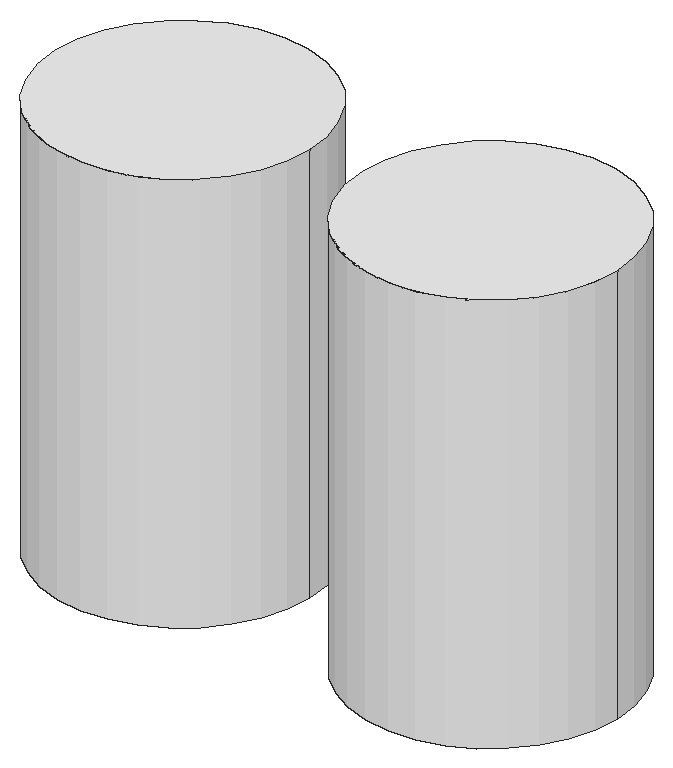
Revit family "514222930037", category Plumbing Fixtures, Revit 2020
Family settings
  Round Connector Dimension = Use Diameter
  Part Type = Normal
  OmniClass Number = 23.45.55.00
  OmniClass Title = Sanitary Faucets, Wastes
  Work Plane-Based = No
  Always vertical = Yes
  Cut with Voids When Loaded = No
  Shared = No
  Room Calculation Point = No
Parameters (values of type "514222930037 Washbasin faucet")
  Working Pressure = "50 - 1000 kPa"
  WarrantyStartDate [instance] = "n/a"
  WarrantyGuarantorParts = "n/a"
  WarrantyGuarantorLabor = "n/a"
  WarrantyDurationUnit = "Year"
  WarrantyDurationParts = "n/a"
  WarrantyDurationLabor = "n/a"
  WarrantyDescription = "http://warranty.hansa.com"
  Warranty Information URL = "http://warranty.hansa.com"
  VersionDate = "01/06/2023"
  Version = "1"
  ValvePattern = "n/a"
  ValveOperation = "n/a"
  ValveMechanism = "n/a"
  Uniclass2015Reference = "Pr_40_20_87_96"
  Uniclass2015Description = "Washbasin manual water supply sets"
  Uniclass2 = "Pr_40_30_96_96"
  URL REACH = "http://static.hansa.com/doc/reach"
  URL Global Mark = "http://static.hansa.com/Globalmark/514222930037"
  URL EcoLabel Declaration = "http://static.hansa.com/doc/EcoLabel"
  URL EU Packaging Declaration = "http://static.hansa.com/doc/packaging"
  URL Declaration of SCIP = "http://static.hansa.com/doc/SCIP"
  URL Declaration of Conformity = "http://static.hansa.com/DoC/514222930037"
  URL Declaration of Asbestos = "http://static.hansa.com/doc/asbestos"
  URL Declaration Of Performance (DOP) = "http://static.hansa.com/doc/DoP"
  URL = ""
  UNSPSC Class Number = "30181700 Faucets or taps"
  TestPressure = "n/a"
  Temperature Adjustments = "Limitation option for maximum temperature and flow-rate ;Adjustable hot water stop (included, retrofittable)"
  Temperature = "Temperature limiter;Temperature limiter (retrofittable)"
  Technical DataSheet URL = "http://www.hansa.com/datasheet/514222930037/en"
  TagNumber [instance] = "n/a"
  SustainabilityPerformance = "n/a"
  Surface treatment = "Chrome"
  Spout Type = "Fixed spout"
  Spout Projection = "103 mm"
  Size = "48.5x137x136 mm"
  Shape = "Sculptured"
  SerialNumber [instance] = "n/a"
  Sales Package dimensions (LxWxH) = "540 x 146 x 59"
  Revision = "n/a"
  ReplacementCost = "n/a"
  ProductInformation = "Washbasin faucet with fixed spout and aerator"
  Product URL = "http://static.hansa.com/514222930037"
  Product Image URL = "http://static.hansa.com/image/514222930037"
  Product Family = "HANSAPOLO "
  Product Code = "514222930037"
  OperatingMechanismMaterial = "n/a"
  NominalWidth = 48.5 mm
  NominalHeight = 137 mm
  NominalDepth = 137 mm
  Noise Class = "I (ISO3822)"
  Name_en = "514222930037 Washbasin faucet"
  Name = "514222930037 Washbasin faucet"
  NBSReference = "45-35-70/371"
  NBSDescription = "Water supply fittings for wash basins and troughs"
  Mounting Holes = "1 hole"
  ModelReference = "514222930037"
  ModelNumber = "n/a"
  Model = "514222930037 Washbasin faucet"
  Mobile Product Information URL = "http://mpi.hansa.com/514222930037"
  Mechanical Parts = "ø 35 mm ceramic cartridge for flow and temperature control"
  Max. Hot Water Supply = 70 °C
  Material = "Brass"
  Market = "International;Australia"
  ManufacturerURL = "http://www.hansa.com"
  ManufacturerName = "HANSA"
  Manufacturer = "HANSA"
  Lever Handle = "Hot/Cold symbols;Single operating lever/handle"
  Interactive AR View URL = "https://static.hansa.com/AR/514222930037"
  InstallationDate [instance] = "n/a"
  Installation and Maintenance Guide URL = "http://static.hansa.com/manual/514222930037"
  Installation Type = "Deck mounted"
  InletConnectionSize = 19 mm
  IfcExportType = "FAUCET"  # constant formula
  IfcExportAs = "IfcValveType"  # constant formula
  Group = "Washbasin faucet"
  Grade = "n/a"
  FlowCoefficient = 0
  Flow Rate At 300kPa With Flow Controller = 0.1 L/s
  Flow Drawing URL = "http://static.hansa.com/flowchart/514222930037"
  Finish = "Polished"
  Features = "Single-lever"
  FaucetMainMaterial = Brass
  FDV Document URL = "http://www.hansa.com/datasheet/514222930037/en/fdv"
  ExpectedLife = "n/a"
  Excluded Items = "Without pop-up waste;Without draw-rod opening"
  ETIM Class Number = "EC011328 Washbasin mixing tap"
  EN Standard = "EN 817"
  EAN Number = "4057304004032"
  DurationUnit = "Year"
  Dimension Drawing URL = "http://static.hansa.com/dimdrw/514222930037"
  Description = "Washbasin faucet with fixed spout and aerator"
  DefaultElevation [instance] = 900 mm
  Default Elevation = 0 mm
  Constituents = "n/a"
  Connection Size = "G1/2"
  Connection = "Flexible inlet pipes"
  Color = "Chrome"
  CodePerformance = "n/a"
  CloseOffRating = 0
  Certificate Global Mark = "GM-WM-040199-I02-R00"
  Category = "Washbasin"
  Catalog Drawing URL = "http://static.hansa.com/catdrw/514222930037"
  Brand = "HANSA"
  BodyMaterial = "Brass"
  Barcode [instance] = "n/a"
  Backflow Prevention EN1717 = "AA"
  BIMObjectName = "514222930037"
  Author = "BIMStone"
  AssetType = "Fixed"
  AssetIdentifier [instance] = "n/a"
  Aerator = "PCA® - constant flow rate regardless of pressure variations"
  Advanced Features = "Inner body made of DZR brass;Rapid installation system"
  AccessibilityPerformance = "n/a"
  3D View = "https://static.hansa.com/AR/514222930037"
  2D/3D/BIM Files URL = "http://static.hansa.com/bim/514222930037"
Reference planes
  plane 1 "Center (Front/Back)": y = 0
  plane 2: z = 0
  plane 3 "Center (Left/Right)": x = 0
  plane 4: x = -24.25
  plane 5: z = 1037
  plane 6: z = 900
  plane 7: z = 870
  plane 8: y = -137
  plane 9: x = 24.25
Forms (mm)
  Extrusion 1, solid, material "Brass" <- "FaucetMainMaterial"
    sketch origin (0, 0, 0) x (1, 0, 0) y (0, 1, 0)
      loop
        circle (-11.5, -22.5) r 9.5
      loop
        circle (11.5, -22.5) r 9.5
    from 870 to 900
  Extrusion 2, solid, material "Brass" <- "FaucetMainMaterial", detail levels medium
    sketch origin (0, 0, 0) x (0, 1, 0) y (0, 0, 1)
      loop
        line (-11.837, 1037) -> (-124.122, 1037) -> (-122.074, 1028.126) -> (-62.2, 1027.177)
        arc (-62.2, 1027.177) -> (-58.651, 1025.78) -> (-57.131, 1022.282) r 4.983
        line (-57.131, 1022.282) -> (-56.683, 996.618) -> (-137, 989.601) -> (-137, 987.69) -> (-131.699, 983.242) -> (-135.856, 977.305) -> (-116.182, 963.529) -> (-114.062, 966.556) -> (-77.551, 967.193)
        arc (-77.551, 967.193) -> (-59.309, 959.809) -> (-50.685, 942.118) r 27.474
        line (-50.685, 942.118) -> (-47, 900) -> (0, 900) -> (-11.837, 1037)
    from -24.25 to 24.25
  Extrusion 3, solid, material "Brass" <- "FaucetMainMaterial", detail levels coarse
    sketch origin (0, 0, 0) x (1, 0, 0) y (0, 1, 0)
      loop
        line (-24.25, 0) -> (-24.25, -137) -> (24.25, -137) -> (24.25, 0) -> (-24.25, 0)
    from 900 to 1037
Lines and regions (mm)
  symbolic lines, detail levels medium+fine
    curve 1: line (0, 0, 900) -> (-23.5, 0, 900)
    curve 2: line (-23.5, 0, 900) -> (-23.5, 0, 998.12)
    curve 3: spline (-24.25, 0, 1002.285) -> (-24.238, 0, 1002.205) -> (-24.201, 0, 1002.125) -> (-24.14, 0, 1002.045) -> (-24.055, 0, 1001.966) -> (-23.945, 0, 1001.886) -> (-23.812, 0, 1001.808) -> (-23.654, 0, 1001.729) -> (-23.472, 0, 1001.651) -> (-23.267, 0, 1001.574) -> (-23.039, 0, 1001.498) -> (-22.787, 0, 1001.422) -> (-22.512, 0, 1001.347)
    curve 4: arc (-24.25, 0, 1002.285) -> (-23.247, 0, 1017.942) -> (-21.807, 0, 1033.565) r 561.53
    curve 5: line (-20.482, 0, 1035.174) -> (-14.32, 0, 1036.261)
    curve 6: arc (-14.32, 0, 1036.261) -> (-9.879, 0, 1036.835) -> (-5.404, 0, 1037) r 48.793
    curve 7: line (-5.404, 0, 1037) -> (0, 0, 1037)
    curve 9: line (0, 0, 900) -> (23.5, 0, 900)
    curve 10: line (23.5, 0, 900) -> (23.5, 0, 998.12)
    curve 11: spline (24.25, 0, 1002.285) -> (24.238, 0, 1002.205) -> (24.201, 0, 1002.125) -> (24.14, 0, 1002.045) -> (24.055, 0, 1001.966) -> (23.945, 0, 1001.886) -> (23.812, 0, 1001.808) -> (23.654, 0, 1001.729) -> (23.472, 0, 1001.651) -> (23.267, 0, 1001.574) -> (23.039, 0, 1001.498) -> (22.787, 0, 1001.422) -> (22.512, 0, 1001.347)
    curve 12: arc (24.25, 0, 1002.285) -> (23.247, 0, 1017.942) -> (21.807, 0, 1033.565) r 561.53
    curve 13: line (20.482, 0, 1035.174) -> (14.32, 0, 1036.261)
    curve 14: arc (14.32, 0, 1036.261) -> (9.879, 0, 1036.835) -> (5.404, 0, 1037) r 48.793
    curve 15: line (5.404, 0, 1037) -> (0, 0, 1037)
    curve 16: line (-22.633, 0, 998.988) -> (-22.512, 0, 1001.347)
    curve 17: line (22.633, 0, 998.988) -> (22.512, 0, 1001.347)
    curve 18: arc (-22.633, 0, 998.988) -> (-23.246, 0, 998.734) -> (-23.5, 0, 998.12) r 0.867
    curve 19: arc (22.633, 0, 998.988) -> (23.246, 0, 998.734) -> (23.5, 0, 998.12) r 0.867
    curve 20: arc (-20.482, 0, 1035.174) -> (-21.441, 0, 1034.614) -> (-21.807, 0, 1033.565) r 1.605
    curve 21: arc (20.482, 0, 1035.174) -> (21.441, 0, 1034.614) -> (21.807, 0, 1033.565) r 1.605
    curve 59: line (0, 0, 900) -> (0, -47, 900)
    curve 60: line (0, -47, 900) -> (0, -50.685, 942.118)
    curve 61: arc (0, -50.685, 942.118) -> (0, -59.309, 959.809) -> (0, -77.551, 967.193) r 27.474
    curve 62: line (0, -77.551, 967.193) -> (0, -109.985, 966.627)
    curve 63: arc (0, -109.985, 966.627) -> (0, -111.706, 966.9) -> (0, -113.23, 967.744) r 5.017
    curve 65: line (0, -136.087, 989.68) -> (0, -56.683, 996.618)
    curve 66: line (0, -56.683, 996.618) -> (0, -57.131, 1022.282)
    curve 67: arc (0, -57.131, 1022.282) -> (0, -58.651, 1025.78) -> (0, -62.2, 1027.177) r 4.983
    curve 68: line (0, -62.2, 1027.177) -> (0, -118.76, 1028.074)
    curve 69: arc (0, -118.76, 1028.074) -> (0, -121.312, 1028.98) -> (0, -122.794, 1031.248) r 4.237
    curve 70: line (0, -122.794, 1031.248) -> (0, -123.357, 1033.686)
    curve 71: arc (0, -123.357, 1033.686) -> (0, -123.101, 1034.795) -> (0, -122.07, 1035.277) r 1.299
    curve 72: line (0, -122.07, 1035.277) -> (0, -83.546, 1036.623)
    curve 73: arc (0, -83.546, 1036.623) -> (0, -75.229, 1036.862) -> (0, -66.91, 1037) r 680.589
    curve 74: arc (0, -66.91, 1037) -> (0, -40.52, 1036.693) -> (0, -14.169, 1035.22) r 597.328
    curve 75: arc (0, -14.169, 1035.22) -> (0, -13.191, 1034.767) -> (0, -12.746, 1033.786) r 1.547
    curve 76: line (0, -12.746, 1033.786) -> (0, -9.744, 1014.834)
    curve 77: line (0, -9.744, 1014.834) -> (0, -15.314, 1011.619)
    curve 78: arc (0, -15.314, 1011.619) -> (0, -12.568, 1006.368) -> (0, -11.235, 1000.594) r 23.302
    curve 79: arc (0, -137, 988.684) -> (0, -136.737, 989.36) -> (0, -136.087, 989.68) r 1
    curve 80: arc (0, -137, 988.156) -> (0, -136.906, 987.733) -> (0, -136.643, 987.39) r 1
    curve 81: line (0, -137, 988.684) -> (0, -137, 988.156)
    curve 82: line (0, -116.182, 963.529) -> (0, -135.856, 977.305)
    curve 83: line (0, -131.699, 983.242) -> (0, -135.856, 977.305)
    curve 84: line (0, -113.23, 967.744) -> (0, -116.182, 963.529)
    curve 85: line (0, -131.699, 983.242) -> (0, -136.643, 987.39)
    curve 89: line (0, -11.235, 1000.594) -> (0, -8.819, 1000.805)
    curve 91: line (0, -137, 0) -> (-6.831, -137, 0)
    curve 92: arc (-6.831, -137, 0) -> (-9.954, -136.71, 0) -> (-12.97, -135.849, 0) r 16.95
    curve 93: arc (-12.97, -135.849, 0) -> (-13.9, -135.32, 0) -> (-14.637, -134.545, 0) r 3.659
    curve 94: arc (-14.637, -134.545, 0) -> (-15.74, -132.603, 0) -> (-16.449, -130.485, 0) r 11.565
    curve 95: line (-16.449, -130.485, 0) -> (-22.722, -40.776, 0)
    curve 96: line (0, -137, 0) -> (6.831, -137, 0)
    curve 97: arc (6.831, -137, 0) -> (9.954, -136.71, 0) -> (12.97, -135.849, 0) r 16.95
    curve 98: arc (12.97, -135.849, 0) -> (13.9, -135.32, 0) -> (14.637, -134.545, 0) r 3.659
    curve 99: arc (14.637, -134.545, 0) -> (15.74, -132.603, 0) -> (16.449, -130.485, 0) r 11.565
    curve 100: line (16.449, -130.485, 0) -> (22.722, -40.776, 0)
    curve 102: spline (23.357, -26.09, 0) -> (23.666, -27.298, 0) -> (23.911, -28.52, 0) -> (24.09, -29.752, 0) -> (24.203, -30.993, 0) -> (24.249, -32.237, 0) -> (24.228, -33.482, 0) -> (24.141, -34.725, 0) -> (23.988, -35.961, 0) -> (23.769, -37.187, 0) -> (23.484, -38.401, 0) -> (23.135, -39.598, 0) -> (22.722, -40.776, 0)
    curve 103: arc (23.357, -26.09, 0) -> (0, 0, 0) -> (-23.357, -26.09, 0) r 23.5
    curve 112: spline (-22.722, -40.776, 0) -> (-23.135, -39.598, 0) -> (-23.484, -38.401, 0) -> (-23.769, -37.187, 0) -> (-23.988, -35.961, 0) -> (-24.141, -34.725, 0) -> (-24.228, -33.482, 0) -> (-24.249, -32.237, 0) -> (-24.203, -30.993, 0) -> (-24.09, -29.752, 0) -> (-23.911, -28.52, 0) -> (-23.666, -27.298, 0) -> (-23.357, -26.09, 0)
    curve 117: line (0, 0, 900) -> (0, -8.819, 1000.805)
  symbolic lines, detail levels fine
    curve 8: spline (-22.512, 0, 1001.347) -> (-19.863, 0, 1000.838) -> (-16.168, 0, 1000.405) -> (-11.62, 0, 1000.071) -> (-6.46, 0, 999.854) -> (-0.96, 0, 999.765) -> (4.591, 0, 999.808) -> (9.899, 0, 999.982) -> (14.687, 0, 1000.278) -> (18.7, 0, 1000.679) -> (21.728, 0, 1001.165) -> (23.611, 0, 1001.71) -> (24.25, 0, 1002.285)
    curve 22: line (-15.899, 0, 1034.548) -> (-15.72, 0, 1031.125)
    curve 23: arc (-15.72, 0, 1031.125) -> (-14.393, 0, 1028.344) -> (-11.489, 0, 1027.315) r 4.026
    curve 24: line (-11.489, 0, 1027.315) -> (0, 0, 1027.315)
    curve 25: arc (-14.32, 0, 1036.261) -> (-15.47, 0, 1035.737) -> (-15.899, 0, 1034.548) r 1.629
    curve 26: line (15.899, 0, 1034.548) -> (15.72, 0, 1031.125)
    curve 27: arc (15.72, 0, 1031.125) -> (14.393, 0, 1028.344) -> (11.489, 0, 1027.315) r 4.026
    curve 28: line (11.489, 0, 1027.315) -> (0, 0, 1027.315)
    curve 29: arc (14.32, 0, 1036.261) -> (15.47, 0, 1035.737) -> (15.899, 0, 1034.548) r 1.629
    curve 30: spline (-22.633, 0, 998.988) -> (-21.861, 0, 998.451) -> (-19.6, 0, 997.951) -> (-16.004, 0, 997.522) -> (-11.316, 0, 997.193) -> (-5.858, 0, 996.986) -> (0, 0, 996.915) -> (5.858, 0, 996.986) -> (11.316, 0, 997.193) -> (16.004, 0, 997.522) -> (19.6, 0, 997.951) -> (21.861, 0, 998.451) -> (22.633, 0, 998.988)
    curve 31: spline (10.74, 0, 970.347) -> (10.374, 0, 971.955) -> (9.301, 0, 973.453) -> (7.594, 0, 974.74) -> (5.37, 0, 975.728) -> (2.78, 0, 976.349) -> (0, 0, 976.56) -> (-2.78, 0, 976.349) -> (-5.37, 0, 975.728) -> (-7.594, 0, 974.74) -> (-9.301, 0, 973.453) -> (-10.374, 0, 971.955) -> (-10.74, 0, 970.347) -> (-10.374, 0, 968.738) -> (-9.301, 0, 967.24) -> (-7.594, 0, 965.953) -> (-5.37, 0, 964.965) -> (-2.78, 0, 964.345) -> (0, 0, 964.133) -> (2.78, 0, 964.345) -> (5.37, 0, 964.965) -> (7.594, 0, 965.953) -> (9.301, 0, 967.24) -> (10.374, 0, 968.738) -> (10.74, 0, 970.347)
    curve 32: line (-10.74, 0, 970.347) -> (-10.74, 0, 977.121)
    curve 33: line (10.74, 0, 970.347) -> (10.74, 0, 977.121)
    curve 34: spline (-10.74, 0, 970.633) -> (-11.115, 0, 971.144) -> (-11.425, 0, 971.671) -> (-11.668, 0, 972.211) -> (-11.842, 0, 972.761) -> (-11.948, 0, 973.317) -> (-11.983, 0, 973.877) -> (-11.948, 0, 974.437) -> (-11.842, 0, 974.993) -> (-11.668, 0, 975.543) -> (-11.425, 0, 976.083) -> (-11.115, 0, 976.61) -> (-10.74, 0, 977.121)
    curve 35: line (-11.983, 0, 973.877) -> (-11.983, 0, 976.203)
    curve 36: line (11.983, 0, 973.877) -> (11.983, 0, 976.203)
    curve 37: spline (-11.983, 0, 976.203) -> (-11.574, 0, 978.096) -> (-10.377, 0, 979.86) -> (-8.473, 0, 981.375) -> (-5.991, 0, 982.538) -> (-3.101, 0, 983.269) -> (0, 0, 983.518) -> (3.101, 0, 983.269) -> (5.991, 0, 982.538) -> (8.473, 0, 981.375) -> (10.377, 0, 979.86) -> (11.574, 0, 978.096) -> (11.983, 0, 976.203)
    curve 38: spline (-10.74, 0, 977.121) -> (-9.578, 0, 978.273) -> (-8.088, 0, 979.275) -> (-6.321, 0, 980.092) -> (-4.338, 0, 980.696) -> (-2.207, 0, 981.067) -> (0, 0, 981.192) -> (2.207, 0, 981.067) -> (4.338, 0, 980.696) -> (6.321, 0, 980.092) -> (8.088, 0, 979.275) -> (9.578, 0, 978.273) -> (10.74, 0, 977.121)
    curve 39: spline (10.74, 0, 977.121) -> (11.115, 0, 976.61) -> (11.425, 0, 976.083) -> (11.668, 0, 975.543) -> (11.842, 0, 974.993) -> (11.948, 0, 974.437) -> (11.983, 0, 973.877) -> (11.948, 0, 973.317) -> (11.842, 0, 972.761) -> (11.668, 0, 972.211) -> (11.425, 0, 971.671) -> (11.115, 0, 971.144) -> (10.74, 0, 970.633)
    curve 40: line (-23.5, 0, 998.12) -> (-17.681, 0, 988.808)
    curve 41: line (-17.681, 0, 988.808) -> (-16.86, 0, 987.494)
    curve 42: arc (-16.86, 0, 987.494) -> (-15.964, 0, 986.671) -> (-14.772, 0, 986.423) r 2.289
    curve 43: line (-3.71, 0, 987.138) -> (-14.772, 0, 986.423)
    curve 44: arc (-3.71, 0, 987.138) -> (-1.858, 0, 987.301) -> (0, 0, 987.355) r 31.816
    curve 45: line (23.5, 0, 998.12) -> (16.86, 0, 987.494)
    curve 46: arc (16.86, 0, 987.494) -> (15.963, 0, 986.67) -> (14.77, 0, 986.422) r 2.29
    curve 47: line (3.71, 0, 987.138) -> (14.77, 0, 986.422)
    curve 48: arc (3.71, 0, 987.138) -> (1.858, 0, 987.301) -> (0, 0, 987.355) r 31.816
    curve 49: line (-23.5, 0, 988.518) -> (-18.651, 0, 977.627)
    curve 50: arc (-18.651, 0, 977.627) -> (-15.357, 0, 972.753) -> (-10.589, 0, 969.307) r 16.858
    curve 51: line (23.5, 0, 988.518) -> (18.651, 0, 977.627)
    curve 52: arc (18.651, 0, 977.627) -> (15.357, 0, 972.753) -> (10.589, 0, 969.307) r 16.858
    curve 53: line (-17.103, 0, 984.092) -> (-17.368, 0, 980.229)
    curve 54: arc (-17.368, 0, 980.229) -> (-16.589, 0, 975.346) -> (-13.751, 0, 971.296) r 11.008
    curve 55: arc (-14.772, 0, 986.423) -> (-16.42, 0, 985.741) -> (-17.103, 0, 984.092) r 2.331
    curve 56: line (17.103, 0, 984.092) -> (17.368, 0, 980.229)
    curve 57: arc (17.368, 0, 980.229) -> (16.589, 0, 975.346) -> (13.751, 0, 971.296) r 11.008
    curve 58: arc (14.772, 0, 986.423) -> (16.42, 0, 985.741) -> (17.103, 0, 984.092) r 2.331
    curve 64: line (0, -113.23, 967.744) -> (0, -131.699, 983.242)
    curve 86: line (0, -15.314, 1011.619) -> (0, -31.179, 1002.459)
    curve 87: line (0, -56.746, 1000.222) -> (0, -31.179, 1002.459)
    curve 88: line (0, -56.683, 996.618) -> (0, -11.235, 1000.594)
    curve 90: spline (-16.871, -49.542, 0) -> (-17.505, -48.918, 0) -> (-18.114, -48.272, 0) -> (-18.699, -47.604, 0) -> (-19.258, -46.915, 0) -> (-19.791, -46.206, 0) -> (-20.296, -45.479, 0) -> (-20.774, -44.734, 0) -> (-21.223, -43.971, 0) -> (-21.643, -43.194, 0) -> (-22.033, -42.401, 0) -> (-22.393, -41.595, 0) -> (-22.722, -40.776, 0)
    curve 101: spline (-23.357, -26.09, 0) -> (-21.412, -21.325, 0) -> (-18.468, -17.081, 0) -> (-14.662, -13.556, 0) -> (-10.172, -10.913, 0) -> (-5.207, -9.276, 0) -> (0, -8.722, 0) -> (5.207, -9.276, 0) -> (10.172, -10.913, 0) -> (14.662, -13.556, 0) -> (18.468, -17.081, 0) -> (21.412, -21.325, 0) -> (23.357, -26.09, 0)
    curve 104: line (0, -123.45, 0) -> (-5, -123.45, 0)
    curve 105: arc (-5, -123.45, 0) -> (-8.178, -122.739, 0) -> (-10.749, -120.742, 0) r 7.456
    curve 106: arc (-10.749, -120.742, 0) -> (-11.709, -119.136, 0) -> (-12.144, -117.316, 0) r 6.19
    curve 107: line (-12.144, -117.316, 0) -> (-15.964, -54.466, 0)
    curve 108: line (0, -123.45, 0) -> (5, -123.45, 0)
    curve 109: arc (5, -123.45, 0) -> (8.178, -122.739, 0) -> (10.749, -120.742, 0) r 7.456
    curve 110: arc (10.749, -120.742, 0) -> (11.709, -119.136, 0) -> (12.144, -117.316, 0) r 6.19
    curve 111: line (12.144, -117.316, 0) -> (15.964, -54.466, 0)
    curve 113: spline (22.722, -40.776, 0) -> (22.393, -41.595, 0) -> (22.033, -42.401, 0) -> (21.643, -43.194, 0) -> (21.223, -43.971, 0) -> (20.774, -44.734, 0) -> (20.296, -45.479, 0) -> (19.791, -46.206, 0) -> (19.258, -46.915, 0) -> (18.699, -47.604, 0) -> (18.114, -48.272, 0) -> (17.505, -48.918, 0) -> (16.871, -49.542, 0)
    curve 114: spline (18.875, -45.082, 0) -> (21.467, -38.062, 0) -> (21.469, -30.592, 0) -> (18.881, -23.572, 0) -> (14.014, -17.848, 0) -> (7.457, -14.112, 0) -> (0, -12.815, 0) -> (-7.457, -14.112, 0) -> (-14.014, -17.848, 0) -> (-18.881, -23.572, 0) -> (-21.469, -30.592, 0) -> (-21.467, -38.062, 0) -> (-18.875, -45.082, 0)
    curve 115: arc (-15.964, -54.466, 0) -> (-16.854, -49.598, 0) -> (-18.875, -45.082, 0) r 20.664
    curve 116: arc (15.964, -54.466, 0) -> (16.854, -49.598, 0) -> (18.875, -45.082, 0) r 20.664
Dimensions and locks
  "NominalHeight": plane 5 to plane 6
  "DefaultElevation": plane 6 to level
  locked: plane 6 to plane 7 at 30
  "NominalDepth": plane 8 to plane 1 "Center (Front/Back)"
  equal spacing: plane 4, plane 3 "Center (Left/Right)", plane 9
  "NominalWidth": plane 4 to plane 9
  "InletConnectionSize": diameter of Extrusion 1 sketch curve  (x2)
  aligned and locked: level to plane 2
  aligned and locked: plane 6 to Extrusion 1
  aligned and locked: Extrusion 1 to plane 7
  aligned and locked: Extrusion 3 to plane 6
  aligned and locked: plane 5 to Extrusion 3
  aligned and locked: plane 6 to import instance
Automatic sketch dimensions
  curve 101 to plane 4 = 0 mm
  curve 90 to plane 4 = 0 mm
  curve 112 to plane 4 = 0 mm
  curve 113 to plane 4 = 0 mm
  curve 102 to plane 4 = 0 mm
  plane 8 to curve 92 = 0 mm
  curve 96 to plane 3 "Center (Left/Right)" = 0 mm
  curve 90 to plane 3 "Center (Left/Right)" = 0 mm
  curve 101 to plane 3 "Center (Left/Right)" = 0 mm
  curve 102 to plane 3 "Center (Left/Right)" = 0 mm
  curve 113 to plane 3 "Center (Left/Right)" = 0 mm
  curve 108 to plane 3 "Center (Left/Right)" = 0 mm
  curve 103 to plane 3 "Center (Left/Right)" = 0 mm
  curve 114 to plane 3 "Center (Left/Right)" = 0 mm
  curve 112 to plane 3 "Center (Left/Right)" = 0 mm
  curve 115 to plane 4 = 12.34 mm
  plane 4 to curve 95 = 1.528 mm
  plane 4 to curve 95 = 7.801 mm
  plane 4 to curve 107 = 8.286 mm
  plane 4 to curve 107 = 12.106 mm
  curve 95 to curve 93 = 4.805 mm
  curve 106 to curve 92 = 5.313 mm
  curve 92 to curve 106 = 0.855 mm
  curve 94 to plane 3 "Center (Left/Right)" = 5.179 mm
  curve 92 to curve 104 = 1.831 mm
  plane 3 "Center (Left/Right)" to curve 108 = 5 mm
  curve 108 to curve 99 = 0.179 mm
  curve 109 to curve 110 = 0.976 mm
  curve 110 to curve 97 = 0.855 mm
  curve 98 to plane 8 = 4.562 mm
  curve 97 to curve 98 = 4.813 mm
  curve 97 to curve 111 = 5.313 mm
  plane 9 to curve 111 = 8.286 mm
  curve 98 to curve 100 = 4.805 mm
  plane 9 to curve 100 = 1.528 mm
  curve 116 to plane 9 = 12.34 mm
  curve 93 to plane 8 = 4.562 mm
  curve 93 to curve 95 = 1.953 mm
  curve 98 to curve 100 = 1.953 mm
  curve 98 to curve 99 = 4.55 mm
  curve 93 to curve 94 = 4.55 mm
  curve 94 to curve 104 = 4.438 mm
  curve 109 to curve 97 = 3.4 mm
  curve 105 to curve 92 = 3.4 mm
  curve 92 to curve 107 = 2.733 mm
  curve 97 to curve 111 = 2.733 mm
  curve 97 to curve 110 = 3.25 mm
  curve 92 to curve 106 = 3.25 mm
  curve 106 to curve 105 = 0.806 mm
  curve 110 to curve 109 = 0.806 mm
  plane 1 "Center (Front/Back)" to curve 115 = 55.719 mm
  curve 116 to curve 111 = 1.254 mm
  curve 115 to curve 107 = 1.254 mm
  curve 115 to curve 95 = 13.69 mm
  curve 111 to curve 100 = 13.69 mm
  plane 1 "Center (Front/Back)" to curve 103 = 23.5 mm
  plane 4 to curve 103 = 0.893 mm
  plane 4 to curve 115 = 5.375 mm
  curve 115 to curve 90 = 2.004 mm
  curve 93 to curve 94 = 0 mm
  curve 98 to curve 97 = 0 mm
  curve 113 to curve 114 = 2.004 mm
  plane 9 to curve 114 = 2.451 mm
  curve 113 to curve 114 = 4.46 mm
  curve 114 to curve 90 = 1.844 mm
  curve 101 to curve 90 = 0 mm
  curve 112 to curve 113 = 0 mm
  Extrusion 3 sketch curve to plane 4 = 0 mm
  plane 8 to Extrusion 3 sketch curve = 0 mm
  Extrusion 3 sketch curve to plane 9 = 0 mm
  Extrusion 3 sketch curve to plane 1 "Center (Front/Back)" = 0 mm
  Extrusion 2 sketch curve to plane 8 = 0 mm
  Extrusion 2 sketch curve to plane 6 = 0 mm
  Extrusion 2 sketch curve to plane 5 = 0 mm
  Extrusion 2 sketch curve to plane 1 "Center (Front/Back)" = 0 mm
  Extrusion 2 sketch curve to plane 8 = 1.144 mm
  Extrusion 2 sketch curve to plane 8 = 5.301 mm
  Extrusion 2 sketch curve to plane 8 = 12.878 mm
  Extrusion 2 sketch curve to Extrusion 2 sketch curve = 2.049 mm
  Extrusion 2 sketch curve to plane 8 = 20.818 mm
  Extrusion 2 sketch curve to Extrusion 2 sketch curve = 2.12 mm
  Extrusion 2 sketch curve to Extrusion 2 sketch curve = 36.007 mm
  Extrusion 2 sketch curve to Extrusion 2 sketch curve = 0.503 mm
  Extrusion 2 sketch curve to plane 5 = 9.823 mm
  Extrusion 2 sketch curve to Extrusion 2 sketch curve = 59.874 mm
  Extrusion 2 sketch curve to Extrusion 2 sketch curve = 0.087 mm
  Extrusion 2 sketch curve to plane 5 = 14.718 mm
  Extrusion 2 sketch curve to Extrusion 2 sketch curve = 4.982 mm
  Extrusion 2 sketch curve to Extrusion 2 sketch curve = 0.448 mm
  Extrusion 2 sketch curve to Extrusion 2 sketch curve = 27.37 mm
  Extrusion 2 sketch curve to Extrusion 2 sketch curve = 3.685 mm
  plane 6 to Extrusion 2 sketch curve = 39.723 mm
  Extrusion 2 sketch curve to Extrusion 2 sketch curve = 2.395 mm
  Extrusion 2 sketch curve to Extrusion 2 sketch curve = 3.664 mm
  Extrusion 2 sketch curve to Extrusion 2 sketch curve = 3.027 mm
  Extrusion 2 sketch curve to Extrusion 2 sketch curve = 4.448 mm
  Extrusion 2 sketch curve to Extrusion 2 sketch curve = 1.911 mm
  Extrusion 2 sketch curve to Extrusion 2 sketch curve = 25.664 mm
  Extrusion 2 sketch curve to plane 5 = 8.874 mm
  plane 1 "Center (Front/Back)" to Extrusion 2 sketch curve = 11.837 mm
  curve 81 to plane 8 = 0 mm
  curve 73 to plane 5 = 0 mm
  curve 74 to plane 5 = 0 mm
  curve 59 to plane 6 = 0 mm
  curve 59 to plane 1 "Center (Front/Back)" = 0 mm
  curve 85 to plane 8 = 0.357 mm
  curve 80 to plane 8 = 1 mm
  curve 79 to curve 80 = 0 mm
  curve 82 to plane 8 = 1.144 mm
  curve 64 to plane 8 = 5.301 mm
  curve 70 to plane 5 = 3.314 mm
  curve 70 to plane 8 = 13.643 mm
  curve 70 to plane 5 = 5.752 mm
  curve 70 to curve 70 = 0.563 mm
  curve 70 to curve 71 = 1.266 mm
  curve 72 to plane 5 = 1.723 mm
  curve 71 to curve 72 = 0.021 mm
  curve 68 to plane 5 = 8.926 mm
  curve 70 to curve 68 = 4.035 mm
  curve 71 to curve 69 = 3.399 mm
  curve 82 to plane 8 = 20.818 mm
  curve 82 to curve 84 = 2.952 mm
  curve 63 to curve 63 = 3.157 mm
  curve 64 to curve 62 = 3.245 mm
  curve 72 to plane 5 = 0.377 mm
  curve 69 to curve 72 = 35.147 mm
  curve 62 to curve 61 = 31.931 mm
  curve 61 to curve 62 = 0.503 mm
  curve 68 to plane 5 = 9.823 mm
  curve 72 to curve 68 = 21.346 mm
  curve 68 to curve 67 = 0.087 mm
  plane 1 "Center (Front/Back)" to curve 74 = 60.664 mm
  plane 1 "Center (Front/Back)" to curve 73 = 59.793 mm
  curve 66 to plane 5 = 14.718 mm
  curve 67 to curve 66 = 4.982 mm
  curve 66 to curve 66 = 0.448 mm
  curve 61 to curve 60 = 27.37 mm
  curve 60 to curve 59 = 3.685 mm
  curve 65 to curve 78 = 22.261 mm
  curve 78 to curve 86 = 3.242 mm
  plane 1 "Center (Front/Back)" to curve 77 = 15.314 mm
  curve 75 to plane 5 = 3.322 mm
  plane 1 "Center (Front/Back)" to curve 75 = 14.289 mm
  curve 76 to plane 5 = 3.214 mm
  curve 75 to curve 76 = 1.543 mm
  plane 1 "Center (Front/Back)" to curve 89 = 11.235 mm
  curve 78 to curve 76 = 5.569 mm
  level to curve 74 = 439.705 mm
  plane 6 to curve 61 = 39.723 mm
  curve 61 to curve 60 = 2.395 mm
  curve 82 to curve 61 = 3.664 mm
  curve 82 to curve 62 = 3.098 mm
  curve 63 to curve 84 = 1.117 mm
  curve 64 to curve 85 = 4.148 mm
  curve 80 to curve 79 = 0.528 mm
  curve 65 to curve 78 = 1.664 mm
  curve 78 to curve 89 = 2.312 mm
  curve 78 to curve 87 = 4.177 mm
  curve 78 to curve 76 = 3.215 mm
  curve 79 to plane 8 = 0.913 mm
  curve 65 to curve 79 = 0 mm
  curve 87 to plane 5 = 36.778 mm
  curve 88 to curve 117 = 2.415 mm
  curve 88 to curve 89 = 0.211 mm
  curve 3 to plane 4 = 0 mm
  curve 8 to plane 4 = 0 mm
  curve 2 to plane 6 = 0 mm
  curve 7 to plane 5 = 0 mm
  curve 48 to plane 3 "Center (Left/Right)" = 0 mm
  curve 39 to plane 3 "Center (Left/Right)" = 0 mm
  curve 11 to plane 3 "Center (Left/Right)" = 0 mm
  curve 38 to plane 3 "Center (Left/Right)" = 0 mm
  curve 9 to plane 3 "Center (Left/Right)" = 0 mm
  curve 37 to plane 3 "Center (Left/Right)" = 0 mm
  curve 8 to plane 3 "Center (Left/Right)" = 0 mm
  curve 30 to plane 3 "Center (Left/Right)" = 0 mm
  curve 7 to plane 3 "Center (Left/Right)" = 0 mm
  curve 24 to plane 3 "Center (Left/Right)" = 0 mm
  curve 31 to plane 3 "Center (Left/Right)" = 0 mm
  curve 3 to plane 3 "Center (Left/Right)" = 0 mm
  curve 34 to plane 3 "Center (Left/Right)" = 0 mm
  curve 12 to plane 5 = 62.774 mm
  curve 12 to plane 4 = 512.328 mm
  plane 4 to curve 2 = 0.75 mm
  curve 18 to curve 18 = 0.867 mm
  plane 4 to curve 16 = 1.738 mm
  curve 5 to plane 5 = 1.826 mm
  plane 4 to curve 5 = 3.768 mm
  curve 5 to curve 20 = 0.279 mm
  plane 4 to curve 49 = 5.599 mm
  curve 49 to curve 41 = 5.819 mm
  curve 50 to curve 53 = 1.283 mm
  curve 53 to curve 53 = 0.265 mm
  curve 40 to curve 41 = 0.821 mm
  curve 22 to plane 5 = 2.452 mm
  curve 20 to curve 22 = 4.304 mm
  curve 25 to curve 22 = 0.179 mm
  curve 42 to curve 42 = 1.941 mm
  curve 42 to curve 43 = 0.147 mm
  curve 25 to curve 5 = 1.579 mm
  curve 5 to curve 25 = 0.047 mm
  curve 53 to curve 35 = 5.385 mm
  curve 23 to curve 23 = 4.02 mm
  curve 23 to curve 24 = 0.211 mm
  curve 35 to curve 32 = 1.243 mm
  curve 34 to curve 54 = 4.354 mm
  curve 6 to plane 3 "Center (Left/Right)" = 5.848 mm
  curve 7 to plane 3 "Center (Left/Right)" = 5.404 mm
  curve 6 to curve 43 = 2.138 mm
  curve 44 to curve 50 = 0.46 mm
  plane 3 "Center (Left/Right)" to curve 15 = 5.404 mm
  curve 47 to curve 14 = 2.138 mm
  curve 57 to curve 33 = 4.354 mm
  curve 14 to curve 28 = 6.085 mm
  curve 27 to curve 27 = 0.211 mm
  curve 27 to curve 29 = 2.573 mm
  curve 13 to plane 5 = 0.739 mm
  curve 29 to curve 13 = 0.047 mm
  curve 14 to curve 47 = 8.922 mm
  curve 46 to curve 58 = 0.002 mm
  curve 58 to curve 46 = 0.146 mm
  curve 26 to plane 5 = 5.875 mm
  curve 29 to curve 26 = 1.447 mm
  curve 26 to plane 5 = 2.452 mm
  curve 29 to curve 26 = 1.626 mm
  curve 58 to curve 56 = 2.331 mm
  curve 56 to curve 56 = 0.265 mm
  curve 56 to curve 51 = 1.283 mm
  plane 9 to curve 21 = 4.047 mm
  curve 13 to plane 5 = 1.826 mm
  curve 21 to curve 13 = 0.279 mm
  plane 9 to curve 17 = 1.738 mm
  plane 9 to curve 9 = 0.75 mm
  curve 4 to plane 5 = 62.774 mm
  curve 4 to plane 9 = 512.328 mm
  curve 48 to curve 14 = 32.67 mm
  curve 36 to curve 14 = 12.006 mm
  curve 35 to curve 32 = 0.918 mm
  curve 37 to curve 51 = 1.425 mm
  curve 35 to curve 49 = 1.425 mm
  curve 34 to curve 54 = 2.355 mm
  curve 33 to curve 57 = 2.355 mm
  curve 50 to curve 53 = 2.602 mm
  curve 52 to curve 56 = 2.602 mm
  curve 53 to curve 55 = 3.863 mm
  curve 57 to curve 58 = 3.863 mm
  curve 54 to curve 50 = 5.008 mm
  curve 47 to curve 58 = 0.001 mm
  curve 47 to curve 14 = 1.071 mm
  curve 42 to curve 41 = 1.071 mm
  curve 44 to curve 6 = 1.071 mm
  curve 58 to curve 46 = 2.284 mm
  curve 42 to curve 41 = 1.314 mm
  curve 40 to curve 2 = 9.312 mm
  curve 30 to curve 16 = 2.36 mm
  curve 19 to curve 17 = 2.36 mm
  curve 28 to curve 27 = 3.81 mm
  curve 22 to curve 25 = 3.423 mm
  curve 20 to curve 5 = 1.58 mm
  curve 21 to curve 21 = 1.58 mm
  curve 20 to curve 20 = 1.604 mm
  curve 38 to curve 39 = 0 mm
  curve 46 to curve 46 = 1.942 mm
  curve 21 to curve 12 = 1.604 mm
  curve 31 to curve 33 = 0 mm
  curve 32 to curve 34 = 0.286 mm
  curve 33 to curve 39 = 0.286 mm
  curve 38 to curve 34 = 0 mm
  curve 35 to curve 37 = 2.326 mm
  curve 36 to curve 39 = 0 mm
  curve 45 to curve 51 = 1.024 mm
  curve 49 to curve 40 = 0.29 mm
  curve 44 to curve 48 = 0 mm
  plane 3 "Center (Left/Right)" to curve 52 = 3.25 mm
  curve 52 to curve 47 = 0.46 mm
  curve 52 to curve 48 = 2.654 mm
  curve 32 to curve 50 = 0.151 mm
  curve 52 to curve 33 = 1.04 mm
  curve 50 to curve 32 = 1.04 mm
  Extrusion 1 sketch curve to plane 3 "Center (Left/Right)" = 11.5 mm
  plane 3 "Center (Left/Right)" to Extrusion 1 sketch curve = 11.5 mm
  plane 1 "Center (Front/Back)" to Extrusion 1 sketch curve = 22.5 mm  (x2)
Nested families
  nested 1: "Symbol" at (0, 0, 0), type "Symbol", detail levels coarse
Connectors
  piping at (-11.5, -22.5, 870), diameter 19, driven by "InletConnectionSize"
    settings: on Extrusion 1, index 1, connector inside diameter 609.6 mm, connector length 0 mm, flow factor 0, pipe flow 0.1 L/s, pressure drop 0.0 Pa, fitting loss kfactor 0, connector angle 0.00°, fixture units 0, engagement length 0 mm, angle of deflection 0.00°, flow configuration 1, flow direction 1, fitting loss method 0, system type 19, joint type 0, gender type 0, connector reference index -1, connector utility 0, adjustable connector no, is connector primary yes, connector description ""
  piping at (11.5, -22.5, 870), diameter 19, driven by "InletConnectionSize"
    settings: on Extrusion 1, index 2, connector inside diameter 609.6 mm, connector length 0 mm, flow factor 0, pipe flow 0.1 L/s, pressure drop 0.0 Pa, fitting loss kfactor 0, connector angle 0.00°, fixture units 0, engagement length 0 mm, angle of deflection 0.00°, flow configuration 1, flow direction 1, fitting loss method 0, system type 20, joint type 0, gender type 0, connector reference index -1, connector utility 0, adjustable connector no, is connector primary no, connector description ""
Definition of nested family "Symbol"
  Reference planes
    plane 1: y = 0
    plane 2: x = 0
  Lines and regions (mm)
    detail lines
      curve 1: line (0, 0, 0) -> (0, -1.8, 0)
      curve 2: line (-0.4, -1.1, 0) -> (0.4, -1.1, 0)
      curve 3: line (-0.4, -1.4, 0) -> (0.4, -1.4, 0)
      curve 4: line (0.863, 0, 0) -> (-0.863, 0, 0)
      curve 5: circle (-1.163, 0, 0) r 0.3 normal (0, 0, -1)
      curve 6: circle (1.163, 0, 0) r 0.3 normal (0, 0, 1)
